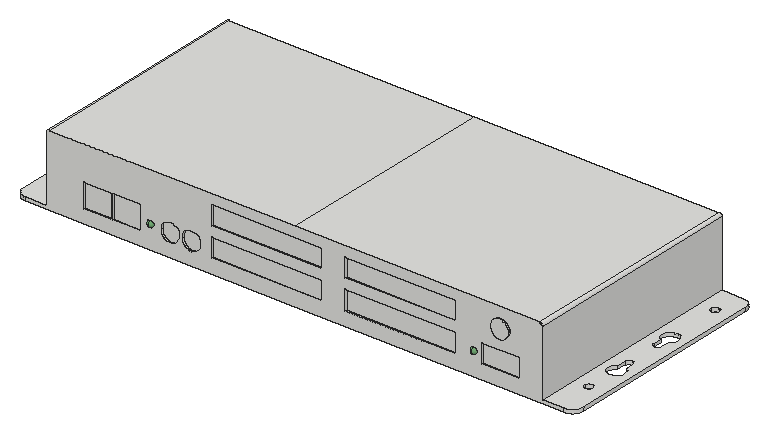
Revit family "Electronics_Controllers_Biamp_Vocia_General-Purpose-I-O-Device_GPIO-1__", category Communication Devices, host Face, Revit 2020
Family settings
  Host = Face
  Maintain Annotation Orientation = No
  Round Connector Dimension = Use Diameter
  Part Type = Normal
  OmniClass Number = 23.85.10.11.11
  OmniClass Title = Sound and Signal Devices
  Cut with Voids When Loaded = No
  Shared = No
  Room Calculation Point = No
Parameters (values of type "GPIO-1")
  Width = 12.50"  # constant formula
  Weight = 2.60 lbf  # constant formula
  Voltage Monitor = "4-30V DC"  # constant formula
  Voltage = 0 V
  VMon Input Shutdown = "35V DC"  # constant formula
  URL = "https://www.biamp.com/"
  Temperature Range = "23 - 104° F (-5 - 40° C)"  # constant formula
  TTL Logic Low = "0 – 0.8V"  # constant formula
  TTL Logic High = "2-5V"  # constant formula
  Product data url = "https://www.bimobject.com/biamp/product/vocia-gpio-1_controller"
  Product Page URL = "https://www.biamp.com/products/product-families/vocia/vocia-controllers#vocia-gpio-1"
  Product Documentation Link = "https://downloads.biamp.com/assets/docs/default-source/data-sheets/biamp_data_sheet_vocia_gpio-1_oct18.pdf"
  Power Factor = 1
  Number of Poles = 1
  Network Connection = "Dual RJ45 with shielded Ethernet (CAT5, CAT5e, CAT6, or CAT7)"  # constant formula
  Model = "Vocia GPIO-1"  # constant formula
  Max Power Consumption = 0 W
  Max External Supply = "30V DC"  # constant formula
  Max Continuous Current = "0.35V"  # constant formula
  Manufacturer = "Biamp"  # constant formula
  Input Transient Protection = "± 8kV Peak"  # constant formula
  Input Isolation = "500V RMS"  # constant formula
  Humidity = "0-95% relative humidity (non-condensing)"  # constant formula
  Housing Material = Biamp - Metal - Silver
  High Range Logic Low = "0-8V DC"  # constant formula
  High Range Logic High = "12-30V DC"  # constant formula
  Height = 1.60156"  # constant formula
  General Purpose Outputs - Type = "FET Switch, open drain  (low side driver)"  # constant formula
  General Purpose Outputs - Quantity = "16"  # constant formula
  General Purpose Inputs - Quantity = "16"  # constant formula
  Description = "Vocia® GPIO-1 General Purpose I/O Device"  # constant formula
  Depth = 5.00"  # constant formula
  Default Elevation = 48.00"
  Current Limit = "0.8A"  # constant formula
  Connector Description = "RJ-45 PoE 802.3af Class 3; Primary"  # constant formula
  Compliance = "EN 54-16 Certifed, FCC Part 15B (USA), CE marked (Europe), RoHS Directive (Europe)"  # constant formula
  Apparent Load = Max Power Consumption / Power Factor  # 0 VA
  Altitude = "0-10,000 ft (0-3000m) MSL"  # constant formula
Reference planes (in)
  plane 1 "Center (Front/Back)": y = 0
  plane 2: z = 0
  plane 3 "Center (Left/Right)": x = 0
Forms (in)
  Extrusion 1, solid, material "Biamp - Metal - Silver" <- "Housing Material", detail levels fine
    sketch origin (0, 0, 0) x (1, 0, 0) y (0, 0, 1)
      loop
        line (-6.25, 0) -> (0, 0) -> (6.25, 0) -> (6.25, 0.07185) -> (5.53125, 0.07185) -> (5.53125, 1.52749)
        arc (5.53125, 1.52749) -> (5.51001, 1.57876) -> (5.45874, 1.6) r 0.07251
        line (5.45874, 1.6) -> (0, 1.6) -> (-5.45874, 1.6)
        arc (-5.45874, 1.6) -> (-5.51001, 1.57876) -> (-5.53125, 1.52749) r 0.07251
        line (-5.53125, 1.52749) -> (-5.53125, 0.07185) -> (-6.25, 0.07185) -> (-6.25, 0)
    from -2.5 to 2.5
  Extrusion 2, void
    sketch origin (0, -2.5, 0) x (-1, 0, 0) y (0, 0, 1)
      loop
        line (4.06239, 0.29904) -> (4.06239, 0.84273) -> (3.42767, 0.84273) -> (3.42767, 0.29904) -> (4.06239, 0.29904)
      loop
        line (1.85278, 0.31587) -> (1.85278, 0.74828) -> (-0.6074, 0.74828) -> (-0.6074, 0.31587) -> (1.85278, 0.31587)
      loop
        line (-1.12768, 0.31587) -> (-1.12768, 0.74828) -> (-3.58786, 0.74828) -> (-3.58786, 0.31587) -> (-1.12768, 0.31587)
      loop
        line (1.85278, 0.96171) -> (1.85278, 1.39413) -> (-0.61265, 1.39413) -> (-0.61265, 0.96171) -> (1.85278, 0.96171)
      loop
        line (-1.12768, 0.96171) -> (-1.12768, 1.39413) -> (-3.58786, 1.39413) -> (-3.58786, 0.96171) -> (-1.12768, 0.96171)
      loop
        line (-4.17664, 0.31587) -> (-4.17664, 0.74828) -> (-5.02072, 0.74828) -> (-5.02072, 0.31587) -> (-4.17664, 0.31587)
      loop
        circle (2.76455, 0.50165) r 0.20938
      loop
        circle (2.29471, 0.50165) r 0.20938
      loop
        circle (-3.99487, 0.52204) r 0.07409
      loop
        circle (3.21355, 0.52204) r 0.07409
      loop
        line (4.70254, 0.29904) -> (4.70254, 0.84273) -> (4.06909, 0.84273) -> (4.06909, 0.29904) -> (4.70254, 0.29904)
    from 0.03516 to 0
  Revolve 3, solid, material "Biamp - Plastic - Green", detail levels fine
    sketch origin (-3.21355, 0, 0.02109) x (0, 1, 0) y (0, 0, 1)
      loop
        line (-2.55216, 0.50204) -> (-2.44484, 0.50204) -> (-2.44484, 0.57206) -> (-2.48214, 0.57206)
        arc (-2.48214, 0.57206) -> (-2.53165, 0.55155) -> (-2.55216, 0.50204) r 0.07002
      axis (-2.44484, 0.50204) -> (-2.55216, 0.50204)
    angle from 0 to 360
  Revolve 4, solid, material "Biamp - Plastic - Green", detail levels fine
    sketch origin (3.99487, 0, 0.02109) x (0, 1, 0) y (0, 0, 1)
      loop
        line (-2.55216, 0.50204) -> (-2.44484, 0.50204) -> (-2.44484, 0.57206) -> (-2.48214, 0.57206)
        arc (-2.48214, 0.57206) -> (-2.53165, 0.55155) -> (-2.55216, 0.50204) r 0.07002
      axis (-2.44484, 0.50204) -> (-2.55216, 0.50204)
    angle from 0 to 360
  Extrusion 5, solid, material "Biamp - Metal - Silver", detail levels fine
    sketch origin (0, -2.5, 0) x (1, 0, 0) y (0, 0, 1)
      loop
        circle (4.59679, 1.17006) r 0.2
    from 0 to 0.03164
  Extrusion 6, void
    sketch origin (-5.51132, 0, 0.07185) x (0, -1, 0) y (-1, 0, 0)
      loop
        arc (-2.5, 0.48868) -> (-2.42678, 0.66545) -> (-2.25, 0.73868) r 0.25
        line (-2.25, 0.73868) -> (-2.5, 0.73868) -> (-2.5, 0.48868)
      loop
        line (2.5, 0.48868) -> (2.5, 0.73868) -> (2.25, 0.73868)
        arc (2.25, 0.73868) -> (2.42678, 0.66545) -> (2.5, 0.48868) r 0.25
      loop
        line (-2.5, -11.51132) -> (-2.5, -11.76132) -> (-2.25, -11.76132)
        arc (-2.25, -11.76132) -> (-2.42678, -11.6881) -> (-2.5, -11.51132) r 0.25
      loop
        arc (2.5, -11.51132) -> (2.42678, -11.6881) -> (2.25, -11.76132) r 0.25
        line (2.25, -11.76132) -> (2.5, -11.76132) -> (2.5, -11.51132)
      loop
        circle (1.63276, -11.38251) r 0.09303
      loop
        arc (0.72135, -11.49258) -> (1.0711, -11.39858) -> (0.72135, -11.30457) r 0.1875
        line (0.72135, -11.30457) -> (0.54059, -11.30457)
        arc (0.54059, -11.30457) -> (0.44659, -11.39858) -> (0.54059, -11.49258) r 0.094
        line (0.54059, -11.49258) -> (0.72135, -11.49258)
      loop
        arc (-0.27341, -11.49258) -> (-0.17941, -11.39858) -> (-0.27341, -11.30457) r 0.094
        line (-0.27341, -11.30457) -> (-0.45417, -11.30457)
        arc (-0.45417, -11.30457) -> (-0.80364, -11.39858) -> (-0.45417, -11.49258) r 0.18738
        line (-0.45417, -11.49258) -> (-0.27341, -11.49258)
      loop
        circle (-1.86612, -11.39851) r 0.09449
      loop
        circle (1.63276, 0.35986) r 0.09303
      loop
        line (0.72135, 0.46993) -> (0.54059, 0.46993)
        arc (0.54059, 0.46993) -> (0.44659, 0.37593) -> (0.54059, 0.28193) r 0.094
        line (0.54059, 0.28193) -> (0.72135, 0.28193)
        arc (0.72135, 0.28193) -> (1.0711, 0.37593) -> (0.72135, 0.46993) r 0.1875
      loop
        line (-0.27341, 0.46993) -> (-0.45417, 0.46993)
        arc (-0.45417, 0.46993) -> (-0.80364, 0.37593) -> (-0.45417, 0.28193) r 0.18738
        line (-0.45417, 0.28193) -> (-0.27341, 0.28193)
        arc (-0.27341, 0.28193) -> (-0.17941, 0.37593) -> (-0.27341, 0.46993) r 0.094
      loop
        circle (-1.86612, 0.37587) r 0.09449
    from 0 to 0.07185
  Extrusion 7, solid, material "Biamp - Metal - Silver" <- "Housing Material", detail levels coarse+medium
    sketch origin (0, -2.5, 0) x (1, 0, 0) y (0, 0, 1)
      loop
        line (-6.25, 0) -> (6.25, 0) -> (6.25, 0.07185) -> (5.53125, 0.07185) -> (5.53125, 1.6) -> (-5.53125, 1.6) -> (-5.53125, 0.07185) -> (-6.25, 0.07185) -> (-6.25, 0)
    from -5 to 0
Cuts and joins
  Extrusion 2, Extrusion 6 cuts Extrusion 1
Lines and regions (in)
  Masking region 1, detail levels medium+fine
    outline origin (0, 0, 0) x (1, 0, 0) y (0, 0, 1)
      loop
        line (6.25, 0) -> (6.25, 0.07185) -> (5.53125, 0.07185) -> (5.53125, 1.52749)
        arc (5.53125, 1.52749) -> (5.51001, 1.57876) -> (5.45874, 1.6) r 0.07251
        line (5.45874, 1.6) -> (-5.45874, 1.6)
        arc (-5.45874, 1.6) -> (-5.51001, 1.57876) -> (-5.53125, 1.52749) r 0.07251
        line (-5.53125, 1.52749) -> (-5.53125, 0.07185) -> (-6.25, 0.07185) -> (-6.25, 0) -> (6.25, 0)
  Masking region 2, detail levels coarse
    outline origin (0, 0, 0) x (1, 0, 0) y (0, 0, 1)
      loop
        line (6.25, 1.6) -> (-6.25, 1.6) -> (-6.25, 0) -> (6.25, 0) -> (6.25, 1.6)
  Masking region 3, detail levels fine
    outline origin (0, 0, 0) x (1, 0, 0) y (0, 1, 0)
      loop
        arc (-6, 2.5) -> (-6.17678, 2.42678) -> (-6.25, 2.25) r 0.25
        line (-6.25, 2.25) -> (-6.25, -2.25)
        arc (-6.25, -2.25) -> (-6.17678, -2.42678) -> (-6, -2.5) r 0.25
        line (-6, -2.5) -> (6, -2.5)
        arc (6, -2.5) -> (6.17678, -2.42678) -> (6.25, -2.25) r 0.25
        line (6.25, -2.25) -> (6.25, 2.25)
        arc (6.25, 2.25) -> (6.17678, 2.42678) -> (6, 2.5) r 0.25
        line (6, 2.5) -> (-6, 2.5)
      loop
        circle (5.88719, 1.86612) r 0.09449
      loop
        line (5.79325, 0.45417) -> (5.79325, 0.27341)
        arc (5.79325, 0.27341) -> (5.88725, 0.17941) -> (5.98125, 0.27341) r 0.094
        line (5.98125, 0.27341) -> (5.98125, 0.45417)
        arc (5.98125, 0.45417) -> (5.88725, 0.80364) -> (5.79325, 0.45417) r 0.18738
      loop
        line (5.98125, -0.72135) -> (5.98125, -0.54059)
        arc (5.98125, -0.54059) -> (5.88725, -0.44659) -> (5.79325, -0.54059) r 0.094
        line (5.79325, -0.54059) -> (5.79325, -0.72135)
        arc (5.79325, -0.72135) -> (5.88725, -1.0711) -> (5.98125, -0.72135) r 0.1875
      loop
        circle (5.87118, -1.63276) r 0.09303
      loop
        circle (-5.88719, 1.86612) r 0.09449
      loop
        line (-5.98125, 0.45417) -> (-5.98125, 0.27341)
        arc (-5.98125, 0.27341) -> (-5.88725, 0.17941) -> (-5.79325, 0.27341) r 0.094
        line (-5.79325, 0.27341) -> (-5.79325, 0.45417)
        arc (-5.79325, 0.45417) -> (-5.88725, 0.80364) -> (-5.98125, 0.45417) r 0.18738
      loop
        line (-5.98125, -0.54059) -> (-5.98125, -0.72135)
        arc (-5.98125, -0.72135) -> (-5.88725, -1.0711) -> (-5.79325, -0.72135) r 0.1875
        line (-5.79325, -0.72135) -> (-5.79325, -0.54059)
        arc (-5.79325, -0.54059) -> (-5.88725, -0.44659) -> (-5.98125, -0.54059) r 0.094
      loop
        circle (-5.87118, -1.63276) r 0.09303
  Masking region 4, detail levels coarse+medium
    outline origin (0, 0, 0) x (1, 0, 0) y (0, 1, 0)
      loop
        line (-6.25, 2.5) -> (-6.25, -2.5) -> (6.25, -2.5) -> (6.25, 2.5) -> (-6.25, 2.5)
  symbolic lines
    curve 1: line (-5.53125, 2.5, 0) -> (-5.53125, -2.5, 0)
    curve 2: line (5.53125, 2.5, 0) -> (5.53125, -2.5, 0)
Dimensions and locks (in)
  equal spacing: Extrusion 1, plane 1 "Center (Front/Back)", Extrusion 1
  aligned and locked: plane 2 to host face
  aligned and locked: level to host face
  aligned and locked: Extrusion 6 to level
  aligned and locked: Extrusion 6 to Extrusion 1
Automatic sketch dimensions
  host sketch curve to host sketch curve = 96.00"  (x2)
  Extrusion 1 sketch curve to level = 0.00"
  Extrusion 1 sketch curve to plane 3 "Center (Left/Right)" = 0.00"  (x2)
  level to Extrusion 1 sketch curve = 1.52749"
  Extrusion 1 sketch curve to plane 3 "Center (Left/Right)" = 5.45874"
  level to Extrusion 1 sketch curve = 0.07185"  (x2)
  Extrusion 1 sketch curve to Extrusion 1 sketch curve = 0.07251"  (x2)
  Extrusion 1 sketch curve to Extrusion 1 sketch curve = 0.71875"  (x2)
  Extrusion 1 sketch curve to Extrusion 1 sketch curve = 5.45874"
  level to Revolve 3 sketch curve = 0.52313"
  plane 1 "Center (Front/Back)" to Revolve 3 sketch curve = 2.55216"
  Revolve 3 sketch curve to Revolve 3 sketch curve = 0.07002"
  Revolve 3 sketch curve to Revolve 3 sketch curve = 0.0373"
  Revolve 3 sketch curve to Revolve 3 sketch curve = 0.02316"
  Revolve 3 sketch curve to Revolve 3 sketch curve = 0.00"  (x2)
  level to Revolve 4 sketch curve = 0.52313"
  plane 1 "Center (Front/Back)" to Revolve 4 sketch curve = 2.55216"
  Revolve 4 sketch curve to Revolve 4 sketch curve = 0.07002"
  Revolve 4 sketch curve to Revolve 4 sketch curve = 0.0373"
  Revolve 4 sketch curve to Revolve 4 sketch curve = 0.02316"
  Revolve 4 sketch curve to Revolve 4 sketch curve = 0.00"  (x2)
  Extrusion 5 sketch curve to Extrusion 1 = 0.42994"
  Extrusion 5 sketch curve to Extrusion 1 = 0.93446"
  Extrusion 1 to Extrusion 2 sketch curve = 0.51053"
  Extrusion 2 sketch curve to Extrusion 2 sketch curve = 0.84409"
  Extrusion 2 sketch curve to Extrusion 2 sketch curve = 0.18177"
  Extrusion 1 to Extrusion 2 sketch curve = 0.20587"  (x2)
  Extrusion 2 sketch curve to Extrusion 2 sketch curve = 0.58877"
  Extrusion 2 sketch curve to Extrusion 2 sketch curve = 0.00"  (x3)
  Extrusion 2 sketch curve to Extrusion 1 = 0.67644"
  Extrusion 2 sketch curve to Extrusion 2 sketch curve = 2.46018"
  Extrusion 2 sketch curve to Extrusion 2 sketch curve = 0.51503"
  Extrusion 2 sketch curve to Extrusion 1 = 0.24402"  (x3)
  Extrusion 2 sketch curve to Extrusion 2 sketch curve = 0.52028"
  Extrusion 1 to Extrusion 2 sketch curve = 0.63829"
  Extrusion 2 sketch curve to Extrusion 2 sketch curve = 2.46543"
  Extrusion 2 sketch curve to Extrusion 2 sketch curve = 0.44192"
  Extrusion 2 sketch curve to Extrusion 2 sketch curve = 0.46984"
  Extrusion 2 sketch curve to Extrusion 2 sketch curve = 0.449"
  Extrusion 2 sketch curve to Extrusion 2 sketch curve = 0.21413"
  Extrusion 2 sketch curve to Extrusion 1 = 0.22719"  (x2)
  Extrusion 2 sketch curve to Extrusion 2 sketch curve = 0.64142"
  Extrusion 2 sketch curve to Extrusion 2 sketch curve = 0.0067"
  Extrusion 1 to Extrusion 2 sketch curve = 0.82871"
  Extrusion 2 sketch curve to Extrusion 1 = 0.4298"  (x2)
  Extrusion 2 sketch curve to Extrusion 2 sketch curve = 0.20617"
  Extrusion 2 sketch curve to Extrusion 2 sketch curve = 0.223"
  Extrusion 2 sketch curve to Extrusion 2 sketch curve = 0.21343"  (x2)
  Extrusion 2 sketch curve to Extrusion 2 sketch curve = 0.22625"
  Extrusion 2 sketch curve to Extrusion 2 sketch curve = 0.54369"  (x2)
  Masking region 1 sketch curve to level = 0.00"
  level to Masking region 1 sketch curve = 0.07185"  (x2)
  Masking region 1 sketch curve to plane 3 "Center (Left/Right)" = 6.25"
  Masking region 1 sketch curve to Masking region 1 sketch curve = 0.71875"  (x2)
  plane 3 "Center (Left/Right)" to Masking region 1 sketch curve = 5.53125"
  Masking region 1 sketch curve to Masking region 1 sketch curve = 0.07251"  (x2)
  Masking region 1 sketch curve to Masking region 1 sketch curve = 1.45564"
  plane 3 "Center (Left/Right)" to Masking region 2 sketch curve = 6.25"
  Masking region 2 sketch curve to Masking region 2 sketch curve = 1.60"
  Masking region 2 sketch curve to plane 3 "Center (Left/Right)" = 6.25"
  Masking region 2 sketch curve to level = 0.00"
  Extrusion 7 sketch curve to Extrusion 1 = 0.00"  (x7)
  Extrusion 1 to Extrusion 7 sketch curve = 0.00"
  Extrusion 6 sketch curve to Extrusion 6 sketch curve = 0.00"  (x9)
  Extrusion 1 to Extrusion 6 sketch curve = 0.00"  (x3)
  Extrusion 6 sketch curve to Extrusion 1 = 0.00"  (x3)
  Extrusion 1 to Extrusion 6 sketch curve = 0.25"  (x2)
  Extrusion 6 sketch curve to Extrusion 6 sketch curve = 0.38388"  (x2)
  Extrusion 6 sketch curve to Extrusion 6 sketch curve = 1.24986"  (x2)
  Extrusion 1 to Extrusion 6 sketch curve = 0.356"
  Extrusion 6 sketch curve to Extrusion 6 sketch curve = 0.16209"  (x4)
  Extrusion 6 sketch curve to Extrusion 6 sketch curve = 0.18076"  (x6)
  Extrusion 6 sketch curve to Extrusion 1 = 0.26875"
  Extrusion 6 sketch curve to Extrusion 6 sketch curve = 0.81401"  (x2)
  Extrusion 6 sketch curve to Extrusion 6 sketch curve = 0.16224"  (x2)
  Extrusion 1 to Extrusion 6 sketch curve = 0.33993"
  Extrusion 6 sketch curve to Extrusion 6 sketch curve = 0.74916"  (x2)
  Extrusion 6 sketch curve to Extrusion 6 sketch curve = 0.25"  (x2)
  Extrusion 6 sketch curve to Extrusion 6 sketch curve = 0.094"  (x4)
  Extrusion 1 to Extrusion 6 sketch curve = 0.35594"
  Extrusion 6 sketch curve to Extrusion 1 = 11.3245"
  Extrusion 6 sketch curve to Extrusion 6 sketch curve = 0.07793"
  Extrusion 6 sketch curve to Extrusion 6 sketch curve = 0.09394"
  Extrusion 6 sketch curve to Extrusion 6 sketch curve = 0.12882"
  Extrusion 6 sketch curve to Extrusion 6 sketch curve = 0.11281"
  Extrusion 6 sketch curve to Extrusion 6 sketch curve = 0.09449"  (x2)
  Extrusion 6 sketch curve to Extrusion 6 sketch curve = 0.09303"  (x2)
  Masking region 3 sketch curve to plane 1 "Center (Front/Back)" = 2.50"
  Masking region 3 sketch curve to plane 3 "Center (Left/Right)" = 6.00"
  Masking region 3 sketch curve to Masking region 3 sketch curve = 0.25"  (x3)
  plane 3 "Center (Left/Right)" to Masking region 3 sketch curve = 6.00"
  plane 1 "Center (Front/Back)" to Masking region 3 sketch curve = 2.25"
  Masking region 3 sketch curve to Masking region 3 sketch curve = 0.00"  (x6)
  Masking region 3 sketch curve to Masking region 3 sketch curve = 0.11281"  (x2)
  Masking region 3 sketch curve to Masking region 3 sketch curve = 0.38388"  (x2)
  Masking region 3 sketch curve to Masking region 3 sketch curve = 0.09449"  (x2)
  Masking region 3 sketch curve to plane 1 "Center (Front/Back)" = 0.61626"  (x2)
  Masking region 3 sketch curve to Masking region 3 sketch curve = 0.00006"  (x2)
  Masking region 3 sketch curve to Masking region 3 sketch curve = 0.094"  (x5)
  Masking region 3 sketch curve to Masking region 3 sketch curve = 0.16209"
  Masking region 3 sketch curve to Masking region 3 sketch curve = 0.18076"  (x6)
  plane 1 "Center (Front/Back)" to Masking region 3 sketch curve = 0.54059"  (x2)
  Masking region 3 sketch curve to Masking region 3 sketch curve = 0.16224"  (x2)
  Masking region 3 sketch curve to Masking region 3 sketch curve = 0.12882"  (x2)
  Masking region 3 sketch curve to Masking region 3 sketch curve = 0.61724"  (x2)
  Masking region 3 sketch curve to Masking region 3 sketch curve = 0.09303"  (x2)
  Masking region 3 sketch curve to plane 1 "Center (Front/Back)" = 0.27341"
  plane 1 "Center (Front/Back)" to curve 1 = 2.50"
  curve 1 to plane 3 "Center (Left/Right)" = 5.53125"
  plane 1 "Center (Front/Back)" to curve 2 = 2.50"
  plane 3 "Center (Left/Right)" to curve 2 = 5.53125"
  curve 2 to plane 1 "Center (Front/Back)" = 2.50"
  curve 1 to plane 1 "Center (Front/Back)" = 2.50"
  plane 1 "Center (Front/Back)" to Masking region 4 sketch curve = 2.50"
  Masking region 4 sketch curve to plane 3 "Center (Left/Right)" = 6.25"
  plane 3 "Center (Left/Right)" to Masking region 4 sketch curve = 6.25"
  Masking region 4 sketch curve to plane 1 "Center (Front/Back)" = 2.50"
  radius of Extrusion 5 sketch curve = 0.20"
  radius of Extrusion 2 sketch curve = 0.20938"  (x2)
  radius of Extrusion 2 sketch curve = 0.07409"  (x2)
Connectors (in)
  electrical at (-4.38581, -2.46484, 0.57089), driven by "Number of Poles", driven by "Voltage", driven by "Apparent Load", driven by "Power Factor", driven by "Connector Description"
    settings: on cut or joined group of Extrusion 1, Extrusion 2, Extrusion 6, index 1, voltage 0 V, apparent load 0 VA, apparent load phase1 0 VA, apparent load phase2 0 VA, apparent load phase3 0 VA, power factor 1, load classification "Other", number of poles 1, system type 31, power factor state 1, is connector primary yes, connector utility no, sub classification motor no, connector description "RJ-45 PoE 802.3af Class 3; Primary"
  electrical at (-3.74503, -2.46484, 0.57089), driven by "Number of Poles", driven by "Voltage", driven by "Apparent Load", driven by "Power Factor"
    settings: on cut or joined group of Extrusion 1, Extrusion 2, Extrusion 6, index 2, voltage 0 V, apparent load 0 VA, apparent load phase1 0 VA, apparent load phase2 0 VA, apparent load phase3 0 VA, power factor 1, load classification "Other", number of poles 1, system type 31, power factor state 1, is connector primary no, connector utility no, sub classification motor no, connector description "RJ-45 PoE 802.3at Type 1 Class 3; Secondary"
  electrical at (4.59868, -2.46484, 0.53208), driven by "Number of Poles", driven by "Voltage", driven by "Apparent Load", driven by "Power Factor"
    settings: on cut or joined group of Extrusion 1, Extrusion 2, Extrusion 6, index 3, voltage 0 V, apparent load 0 VA, apparent load phase1 0 VA, apparent load phase2 0 VA, apparent load phase3 0 VA, power factor 1, load classification "Other", number of poles 1, system type 30, power factor state 1, is connector primary no, connector utility no, sub classification motor no, connector description "Aux Power 1,2; 24V"
  electrical at (-0.62007, -2.46484, 1.17792)
    settings: on cut or joined group of Extrusion 1, Extrusion 2, Extrusion 6, index 4, voltage 0 V, apparent load 0 VA, apparent load phase1 0 VA, apparent load phase2 0 VA, apparent load phase3 0 VA, power factor 1, load classification "Other", number of poles 1, system type 5, power factor state 1, is connector primary no, connector utility no, sub classification motor no, connector description "General Purpose Input (x8)"
  electrical at (2.35777, -2.46484, 1.17792)
    settings: on cut or joined group of Extrusion 1, Extrusion 2, Extrusion 6, index 5, voltage 0 V, apparent load 0 VA, apparent load phase1 0 VA, apparent load phase2 0 VA, apparent load phase3 0 VA, power factor 1, load classification "Other", number of poles 1, system type 5, power factor state 1, is connector primary no, connector utility no, sub classification motor no, connector description "General Purpose Input (x8)"
  electrical at (-0.62269, -2.46484, 0.53208)
    settings: on cut or joined group of Extrusion 1, Extrusion 2, Extrusion 6, index 6, voltage 0 V, apparent load 0 VA, apparent load phase1 0 VA, apparent load phase2 0 VA, apparent load phase3 0 VA, power factor 1, load classification "Other", number of poles 1, system type 5, power factor state 1, is connector primary no, connector utility no, sub classification motor no, connector description "General Purpose Outputs (x9)"
  electrical at (2.35777, -2.46484, 0.53208)
    settings: on cut or joined group of Extrusion 1, Extrusion 2, Extrusion 6, index 7, voltage 0 V, apparent load 0 VA, apparent load phase1 0 VA, apparent load phase2 0 VA, apparent load phase3 0 VA, power factor 1, load classification "Other", number of poles 1, system type 5, power factor state 1, is connector primary no, connector utility no, sub classification motor no, connector description "General Purpose Outputs (x7)"
  electrical at (4.59679, -2.53164, 1.17006)
    settings: on Extrusion 5, index 8, voltage 0 V, apparent load 0 VA, apparent load phase1 0 VA, apparent load phase2 0 VA, apparent load phase3 0 VA, power factor 1, load classification "Other", number of poles 1, system type 5, power factor state 1, is connector primary no, connector utility no, sub classification motor no, connector description "GND"
